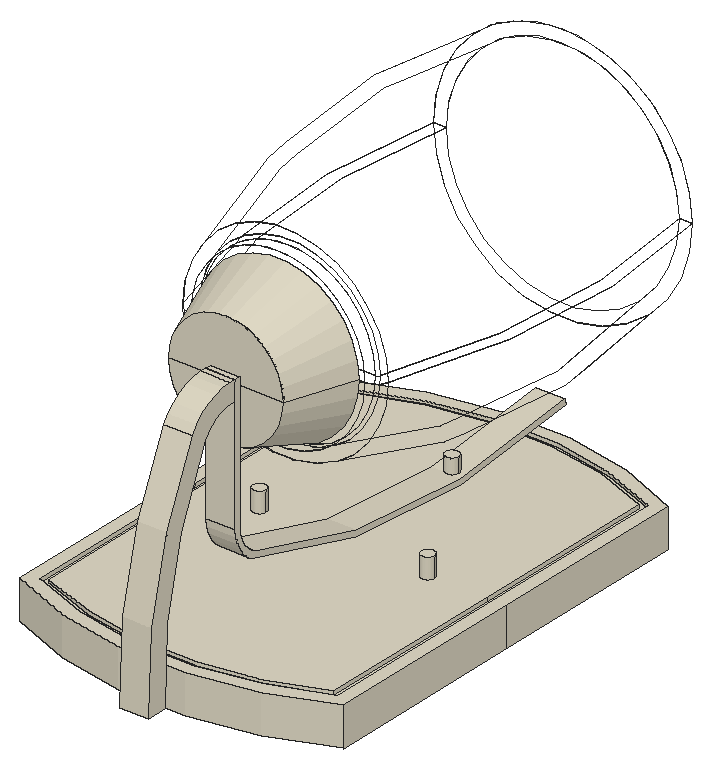
Revit family "P2794-09 1-100W MED BATH BRKT", category Lighting Fixtures, host Face, Revit 2012
Parameters (values of type "P2794-09 1-100W MED BATH BRKT")
  Wattage Comments = "100 W"
  URL = "http://www.progresslighting.com"
  Product Page URL = "http://www.progresslighting.com/products.aspx?product=P2794-09"
  Product Documentation Link = "http://www.progresslighting.com/SpecSheets/P2794.pdf"
  Model = "P2794-09"
  Manufacturer Phone = "864-678-1000"  # constant formula
  Manufacturer Fax = "864-678-1065"  # constant formula
  Manufacturer = "Progress Lighting"  # constant formula
  Lamp = "One"  # constant formula
  Glass = White Etched Glass
  Family = "Wisten"
  Description = "One-light bracket with etched glass."  # constant formula
  Default Elevation = 48"
  Back Plate = Brushed Nickel
Reference planes (in)
  plane 1 "Center (Front/Back)": y = 0
  plane 2: z = 0
  plane 3 "Center (Left/Right)": x = 0
  plane 4: x = 2.5
  plane 5: x = -2.5
  plane 6: y = 3.725
  plane 7: y = -3.725
  plane 8: y = 3.125
  plane 9: y = -3.125
  plane 10: z = 6.05
  plane 11: y = -2.275
  plane 12: z = 0.6
  plane 13: z = 0.55
  plane 14: z = 0.9
  plane 15: y = 4.225
  plane 16: z = 3.84237
  plane 17: y = -4.025
Forms (in)
  Extrusion 1, solid, material "Brushed Nickel" <- "Back Plate"
    sketch origin (0, 0, 0) x (1, 0, 0) y (0, 1, 0)
      loop
        line (-2.5, 0) -> (-2.5, -3.125)
        arc (-2.5, -3.125) -> (0, -3.725) -> (2.5, -3.125) r 5.50833
        line (2.5, -3.125) -> (2.5, 0) -> (2.5, 3.125)
        arc (2.5, 3.125) -> (0, 3.725) -> (-2.5, 3.125) r 5.50833
        line (-2.5, 3.125) -> (-2.5, 0)
    from 0 to 0.6
  Extrusion 2, void
    sketch origin (0, 0, 0) x (1, 0, 0) y (0, 1, 0)
      loop
        arc (2.30078, 3.00134) -> (0, 3.52578) -> (-2.30078, 3.00134) r 5.30911
        line (-2.30078, 3.00134) -> (-2.30078, 0) -> (-2.30078, -3.00134)
        arc (-2.30078, -3.00134) -> (0, -3.52578) -> (2.30078, -3.00134) r 5.30911
        line (2.30078, -3.00134) -> (2.30078, 0) -> (2.30078, 3.00134)
      loop
        line (2.19922, -2.93705) -> (2.19922, 0) -> (2.19922, 2.93705)
        arc (2.19922, 2.93705) -> (0, 3.42422) -> (-2.19922, 2.93705) r 5.20755
        line (-2.19922, 2.93705) -> (-2.19922, 0) -> (-2.19922, -2.93705)
        arc (-2.19922, -2.93705) -> (0, -3.42422) -> (2.19922, -2.93705) r 5.20755
    from 0.55 to 0.6
  Extrusion 3, solid, material "Brushed Nickel" <- "Back Plate"
    sketch origin (0, 0, 0) x (1, 0, 0) y (0, 1, 0)
      loop
        circle (-1.3, -0.0057) r 0.1
      loop
        circle (1.3, -0.0057) r 0.1
      loop
        circle (0, 2.084) r 0.1
    from 0.6 to 0.9
  Extrusion 4, solid, material "Brushed Nickel" <- "Back Plate"
    sketch origin (0, 0, 0) x (0, 1, 0) y (0, 0, 1)
      loop
        line (-2.44239, 3.66097) -> (-2.275, 3.66097) -> (-2.275, 3.96097) -> (-2.4601, 3.96097)
        arc (-2.4601, 3.96097) -> (-2.87958, 3.84769) -> (-3.185, 3.53863) r 0.83328
        arc (-3.185, 3.53863) -> (-3.85673, 1.82907) -> (-4.025, 0) r 6.52016
        line (-4.025, 0) -> (-3.725, 0)
        arc (-3.725, 0) -> (-3.577, 1.73732) -> (-2.94902, 3.36392) r 6.17187
        arc (-2.94902, 3.36392) -> (-2.73604, 3.58123) -> (-2.44239, 3.66097) r 0.58056
    from -0.23534 to 0.21103
  Extrusion 5, solid, material "Brushed Nickel" <- "Back Plate"
    sketch origin (0, 0, 0) x (0, 1, 0) y (0, 0, 1)
      loop
        arc (-1.96056, 1.41469) -> (-2.18899, 1.59861) -> (-2.275, 1.87899) r 0.5
        line (-2.275, 1.87899) -> (-2.275, 3.96097) -> (-2.36484, 3.96097) -> (-2.36484, 1.87899)
        arc (-2.36484, 1.87899) -> (-2.26338, 1.54823) -> (-1.99391, 1.33127) r 0.58984
        arc (-1.99391, 1.33127) -> (0.97412, 0.62638) -> (4.01905, 0.81209) r 10.41039
        line (4.01905, 0.81209) -> (4.0005, 0.9)
        arc (4.0005, 0.9) -> (0.98185, 0.71589) -> (-1.96056, 1.41469) r 10.32055
    from -0.23534 to 0.21103
Cuts and joins
  Extrusion 2 cuts Extrusion 1
Lines and regions (in)
  reference lines
    curve 1: arc (2.5, 3.125, 0) -> (0, 3.725, 0) -> (-2.5, 3.125, 0) r 5.50833
    curve 2: line (-2.5, 3.125, 0) -> (-2.5, 0, 0)
    curve 3: line (-2.5, 0, 0) -> (-2.5, -3.125, 0)
    curve 4: arc (-2.5, -3.125, 0) -> (0, -3.725, 0) -> (2.5, -3.125, 0) r 5.50833
    curve 5: line (2.5, -3.125, 0) -> (2.5, 0, 0)
    curve 6: line (2.5, 0, 0) -> (2.5, 3.125, 0)
    curve 7: line (-2.30078, 3.00134, 0) -> (-2.30078, 0, 0)
    curve 8: arc (2.30078, 3.00134, 0) -> (0, 3.52578, 0) -> (-2.30078, 3.00134, 0) r 5.30911
    curve 9: line (2.30078, 0, 0) -> (2.30078, 3.00134, 0)
    curve 10: line (2.30078, -3.00134, 0) -> (2.30078, 0, 0)
    curve 11: arc (-2.30078, -3.00134, 0) -> (0, -3.52578, 0) -> (2.30078, -3.00134, 0) r 5.30911
    curve 12: line (-2.30078, 0, 0) -> (-2.30078, -3.00134, 0)
    curve 13: line (-2.19922, 2.93705, 0) -> (-2.19922, 0, 0)
    curve 14: arc (2.19922, 2.93705, 0) -> (0, 3.42422, 0) -> (-2.19922, 2.93705, 0) r 5.20755
    curve 15: line (2.19922, 0, 0) -> (2.19922, 2.93705, 0)
    curve 16: line (2.19922, -2.93705, 0) -> (2.19922, 0, 0)
    curve 17: arc (-2.19922, -2.93705, 0) -> (0, -3.42422, 0) -> (2.19922, -2.93705, 0) r 5.20755
    curve 18: line (-2.19922, 0, 0) -> (-2.19922, -2.93705, 0)
    curve 19: line (0, -2.275, 3.96097) -> (0, -2.4601, 3.96097)
    curve 20: line (0, -2.275, 3.66097) -> (0, -2.44239, 3.66097)
    curve 21: arc (0, -2.94902, 3.36392) -> (0, -3.577, 1.73732) -> (0, -3.725, 0) r 6.17187
    curve 22: arc (0, -3.185, 3.53863) -> (0, -3.85673, 1.82907) -> (0, -4.025, 0) r 6.52016
    curve 23: arc (0, -2.44239, 3.66097) -> (0, -2.73604, 3.58123) -> (0, -2.94902, 3.36392) r 0.58056
    curve 24: arc (0, -2.4601, 3.96097) -> (0, -2.87958, 3.84769) -> (0, -3.185, 3.53863) r 0.83328
    curve 25: line (0, -2.275, 3.66097) -> (0, -2.275, 1.54643)
    curve 26: arc (0, -2.275, 1.54643) -> (0, 0.81215, 0.73195) -> (0, 4.0005, 0.9) r 10.32055
Dimensions and locks (in)
  locked: plane 4 to plane 3 "Center (Left/Right)" at 2.5
  locked: plane 5 to plane 3 "Center (Left/Right)" at 2.5
  plane 1 "Center (Front/Back)" to plane 8 to plane 6 = 3 1/8" locked, 0.6" locked
  plane 1 "Center (Front/Back)" to plane 9 to plane 7 = 3 1/8" locked, 0.6" locked
  locked: Extrusion 3 sketch curve to plane 3 "Center (Left/Right)" at 1.2
  locked: plane 1 "Center (Front/Back)" to Extrusion 3 sketch curve at 1.984
  locked: plane 6 to plane 11 at 6
  plane 4 to nested 1 = 2 1/2"
  locked: plane 2 to plane 12 at 0.6
  plane 2 to plane 13 to plane 12 = 0.55", 0.05"
  locked: plane 14 to plane 12 at 0.3
  locked: plane 15 to plane 6 at 0.5
  plane 14 to plane 16 to plane 10 = 2.94237" locked, 2.20763" locked
  locked: plane 15 to plane 17 at 8.25
  plane 10 to Extrusion 5 = 2.08903"
  nested 1 to plane 4 = 2 1/2"
  locked: plane 5 to cut or joined group of Extrusion 1, Extrusion 2 at 0.30078
  radius of Extrusion 1 sketch curve = 5.50833"  (x2)
  aligned and locked: plane 2 to host face
  aligned and locked: level to host face
  aligned and locked: Extrusion 1 sketch curve to plane 5
  aligned and locked: plane 5 to Extrusion 1 sketch curve  (x2)
  aligned and locked: Extrusion 1 sketch curve to plane 4
  aligned and locked: plane 4 to Extrusion 1 sketch curve  (x2)
  aligned and locked: plane 8 to Extrusion 1 sketch curve  (x2)
  aligned and locked: plane 9 to Extrusion 1 sketch curve  (x2)
  aligned and locked: Extrusion 1 to level
  aligned and locked: Extrusion 2 sketch curve to curve 8
  aligned and locked: Extrusion 2 sketch curve to curve 9
  aligned and locked: Extrusion 2 sketch curve to curve 16
  aligned and locked: Extrusion 2 sketch curve to curve 10
  aligned and locked: Extrusion 2 sketch curve to curve 11
  aligned and locked: Extrusion 2 sketch curve to curve 17
  aligned and locked: Extrusion 2 sketch curve to curve 12
  aligned and locked: Extrusion 2 sketch curve to curve 18
  aligned and locked: Extrusion 2 sketch curve to curve 7
  aligned and locked: Extrusion 2 sketch curve to curve 13
  aligned and locked: Extrusion 2 sketch curve to curve 14
  aligned and locked: Extrusion 2 sketch curve to curve 15
  aligned and locked: Extrusion 1 to Extrusion 2
  aligned and locked: plane 12 to cut or joined group of Extrusion 1, Extrusion 2
  aligned and locked: Extrusion 2 to plane 13
  aligned and locked: Extrusion 3 to cut or joined group of Extrusion 1, Extrusion 2
  aligned and locked: plane 3 "Center (Left/Right)" to nested 1
  aligned and locked: Extrusion 4 sketch curve to curve 23
  aligned and locked: Extrusion 4 sketch curve to curve 20
  aligned and locked: Extrusion 4 sketch curve to curve 19
  aligned and locked: Extrusion 4 sketch curve to curve 24
  aligned and locked: Extrusion 4 sketch curve to curve 22
  aligned and locked: Extrusion 4 sketch curve to curve 21
  aligned and locked: plane 11 to Extrusion 4 sketch curve
  aligned and locked: Extrusion 4 sketch curve to cut or joined group of Extrusion 1, Extrusion 2
  aligned and locked: Extrusion 5 sketch curve to curve 26  (x2)
  aligned and locked: nested 1 to Extrusion 5 sketch curve
  aligned and locked: Extrusion 5 sketch curve to Extrusion 4
  aligned and locked: Extrusion 5 sketch curve to curve 19
Nested families (in)
  nested 1: "Light P2794" at (0, -2.275, 3.84237), type "Light P2794"
Connectors (in)
  electrical at (0, 0, 0)
    settings: on cut or joined group of Extrusion 1, Extrusion 2, index 1, voltage 0 V, apparent load 0 VA, apparent load phase1 0 VA, apparent load phase2 0 VA, apparent load phase3 0 VA, power factor 1, load classification "Other", number of poles 1, system type 31, power factor state 1, is connector primary yes, connector utility no, sub classification motor no, connector description ""
Definition of nested family "Light P2794"
  Parameters (values of type "Light P2794")
    Wattage = 9.2903 W
    built-in parameter 1150110 = 1 (stored number, unit not read)
    built-in parameter 1114217 = 1 (stored number, unit not read)
    built-in parameter 1150109 = 1 (stored number, unit not read)
    built-in parameter 1150134 = 3
    built-in parameter 1150113 = 1 (stored number, unit not read)
    built-in parameter 1150105 = 109.82 (stored number, unit not read)
    Lumens = 1380 lm
    built-in parameter 1150115 = 1 (stored number, unit not read)
    Light Source Symbol Size = 4"
    built-in parameter 1150137 = (empty or 0)
    built-in parameter 1150139 = (empty or 0)
    built-in parameter 1150112 = 1 (stored number, unit not read)
    built-in parameter 1150114 = 1 (stored number, unit not read)
    built-in parameter 1150132 = (empty or 0)
    built-in parameter 1150102 = (empty or 0)
    built-in parameter 1150107 = 3200 (stored number, unit not read)
    built-in parameter 1150138 = (empty or 0)
    built-in parameter 1150106 = 1.0982 (stored number, unit not read)
    Glass = White Etched Glass
    built-in parameter 1150104 = 13.8 (stored number, unit not read)
    Dimming Lamp Color Temperature Shift = (empty or 0)
    Color Filter = 16777215
    built-in parameter 1114218 = 1 (stored number, unit not read)
    Back Plate = Brushed Nickel
    built-in parameter 1150133 = 10 (stored number, unit not read)
  Reference planes (in)
    plane 1 "Center (Front/Back)": y = 0
    plane 2: z = 0
    plane 3 "Center (Left/Right)": x = 0
    plane 4: y = 6.5
    plane 5: y = 1
    plane 6: x = 2
    plane 7: x = 2.2
    plane 8: x = 1.25
  Forms (in)
    Revolve 1, solid, material "White Etched Glass" <- "Glass"
      sketch origin (0, 0, 0) x (1, 0, 0) y (0, 1, 0)
        loop
          arc (1.79522, 6.5) -> (1.97746, 3.83687) -> (1.39465, 1.23191) r 9.28693
          arc (1.39465, 1.23191) -> (1.37601, 1.20818) -> (1.3472, 1.19922) r 0.05078
          line (1.3472, 1.19922) -> (0, 1.19922) -> (0, 1) -> (1.3472, 1)
          arc (1.3472, 1) -> (1.48903, 1.04412) -> (1.58079, 1.16092) r 0.25
          arc (1.58079, 1.16092) -> (2.17445, 3.80034) -> (1.99893, 6.5) r 9.48615
          line (1.99893, 6.5) -> (1.79522, 6.5)
        axis (0, 1) -> (0, 6.5)
      angle from 0 to 360
    Revolve 2, solid, material "Brushed Nickel" <- "Back Plate"
      sketch origin (0, 0, 0) x (1, 0, 0) y (0, 1, 0)
        loop
          line (1.25, 1) -> (0, 1) -> (0, 0) -> (0.88603, 0) -> (1.25, 1)
        axis (0, 1) -> (0, 0)
      angle from 0 to 360
  Dimensions and locks (in)
    plane 1 "Center (Front/Back)" to plane 5 to plane 4 = 1" locked, 5 1/2" locked
    locked: plane 7 to plane 6 at 0.2
    plane 3 "Center (Left/Right)" to plane 6 = 2"
    locked: Revolve 1 sketch curve to Revolve 1 sketch curve at 0.19922
    radius of Revolve 1 sketch curve = 9.28693"
    aligned and locked: level to plane 2
    aligned and locked: plane 5 to Revolve 1 sketch curve
    aligned and locked: Revolve 2 sketch curve to plane 3 "Center (Left/Right)"
    aligned and locked: Revolve 2 sketch curve to plane 5
    aligned and locked: Revolve 2 sketch curve to Revolve 2 sketch curve
    aligned and locked: plane 3 "Center (Left/Right)" to Revolve 1 sketch curve
    aligned and locked: Revolve 1 sketch curve to plane 4
    aligned and locked: plane 4 to Revolve 1 sketch curve  (x2)
    aligned and locked: Revolve 2 to plane 1 "Center (Front/Back)"
    aligned and locked: plane 5 to Revolve 2
    aligned and locked: plane 3 "Center (Left/Right)" to imposter light
    aligned and locked: level to imposter light
